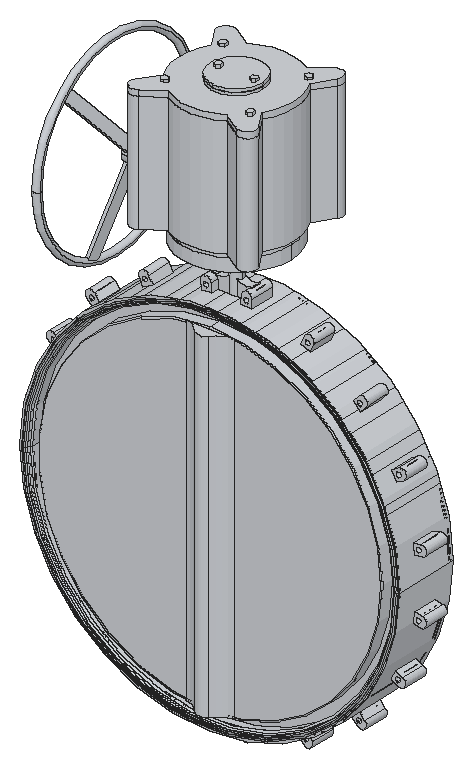
Revit family "R59FLX050", category Plumbing Fixtures, Revit 2015
Reference planes
  plane 1 "Center (Front/Back)": y = 0
  plane 2: z = 0
  plane 3 "Center (Left/Right)": x = 0
  plane 4: z = 480
  plane 5: z = 730
  plane 6: z = 187
  plane 7: z = -388
  plane 8: z = -30
  plane 9: z = 536.038
  plane 10: z = -30
  plane 11: y = -17.262
  plane 12: y = 17.262
  plane 13: x = -105
  plane 14: x = 105
  plane 15: z = 744
  plane 16: x = 226
  plane 17: y = -64.287
  plane 18: y = 62.713
  plane 19: z = 455
  plane 20: x = -241
  plane 21: z = 342
Forms (mm)
  Extrusion 1, solid
    sketch origin (0, 0, 462.391) x (1, 0, 0) y (0, 1, 0)
      loop
        circle (0, 0) r 105
    from -7.391 to 17.609
  Extrusion 2, solid
    sketch origin (0, 0, -76.95) x (1, 0, 0) y (0, 1, 0)
      loop
        circle (0, 0) r 12
    from 354.077 to 531.95
  Revolve 3, solid
    sketch origin (0, 0, 0) x (0, 1, 0) y (0, 0, 1)
      loop
        line (-39.5, -358.688) -> (39.5, -358.688) -> (39.5, -329.679) -> (60.986, -329.679)
        arc (60.986, -329.679) -> (62.207, -329.173) -> (62.713, -327.951) r 1.728
        line (62.713, -327.951) -> (62.713, 0) -> (-64.287, 0) -> (-64.287, -327.951)
        arc (-64.287, -327.951) -> (-63.781, -329.173) -> (-62.559, -329.679) r 1.728
        line (-62.559, -329.679) -> (-39.5, -329.679) -> (-39.5, -358.688)
      axis (62.713, 0) -> (-64.287, 0)
    angle from 0 to 360
  Extrusion 4, solid
    sketch origin (-32.126, 28.082, 299.981) x (0.933413, 0, -0.358805) y (0.358805, 0, 0.933413)
      loop
        line (-18.251, 60.114) -> (-25.459, 74.264)
        arc (-25.459, 74.264) -> (-38.908, 78.635) -> (-43.28, 65.186) r 10
        line (-43.28, 65.186) -> (-36.072, 51.036) -> (-18.251, 60.114)
      loop
        circle (-32.1, 65.269) r 5
    from -10.991 to 37.009
  Extrusion 5, solid
    sketch origin (18.896, -132.284, 489.391) x (-0.707107, -0.707107, 0) y (0.707107, -0.707107, 0)
      loop
        line (6.619, -122.207) -> (1.336, -117.615) -> (-5.283, -119.894) -> (-6.619, -126.765) -> (-1.336, -131.358) -> (5.283, -129.079) -> (6.619, -122.207)
    from 0 to 3.746
  Extrusion 6, solid
    sketch origin (18.896, -132.284, 468.391) x (-0.707107, -0.707107, 0) y (0.707107, -0.707107, 0)
      loop
        circle (0, -124.486) r 3
    from -20.186 to 21
  Extrusion 7, solid
    sketch origin (18.896, -132.284, 454) x (-0.707107, -0.707107, 0) y (0.707107, -0.707107, 0)
      loop
        line (3.99, -123.113) -> (0.805, -120.344) -> (-3.184, -121.718) -> (-3.99, -125.86) -> (-0.805, -128.628) -> (3.184, -127.254) -> (3.99, -123.113)
      loop
        line (-3.444, -125.672) -> (-0.695, -128.061) -> (2.749, -126.876) -> (3.444, -123.301) -> (0.695, -120.911) -> (-2.749, -122.097) -> (-3.444, -125.672)
    from -1.968 to 1
  Extrusion 8, solid
    sketch origin (49.205, -126.837, 615.966) x (-0.707107, -0.707107, 0) y (0.707107, -0.707107, 0)
      loop
        line (-80.879, -231.371) -> (-71.737, -274.379)
        arc (-71.737, -274.379) -> (-54.895, -288.018) -> (-38.053, -274.379) r 17.218
        line (-38.053, -274.379) -> (-28.912, -231.371)
        arc (-28.912, -231.371) -> (22.88, -202.269) -> (51.985, -150.479) r 109.994
        line (51.985, -150.479) -> (95.021, -141.332)
        arc (95.021, -141.332) -> (108.659, -124.49) -> (95.021, -107.648) r 17.218
        line (95.021, -107.648) -> (51.988, -98.501)
        arc (51.988, -98.501) -> (22.886, -46.703) -> (-28.909, -17.596) r 109.994
        line (-28.909, -17.596) -> (-38.053, 25.426)
        arc (-38.053, 25.426) -> (-54.895, 39.064) -> (-71.737, 25.426) r 17.218
        line (-71.737, 25.426) -> (-80.882, -17.596)
        arc (-80.882, -17.596) -> (-132.673, -46.699) -> (-161.775, -98.49) r 109.994
        line (-161.775, -98.49) -> (-204.798, -107.635)
        arc (-204.798, -107.635) -> (-218.436, -124.477) -> (-204.798, -141.318) r 17.218
        line (-204.798, -141.318) -> (-161.779, -150.462)
        arc (-161.779, -150.462) -> (-132.677, -202.263) -> (-80.879, -231.371) r 109.994
    from -126.575 to 101.703
  Sweep 9, solid
    path origin (0, 0, 0) x (1, 0, 0) y (0, 0, 1)
      loop
        circle (0, 0) r 364
    profile origin (0, 0, -364) x (0, 0, 1) y (0, -1, 0)
      loop
        line (0.625, -62.713) -> (3.952, -62.713)
        arc (3.952, -62.713) -> (4.966, -63.727) -> (5.98, -62.713) r 1.014
        line (5.98, -62.713) -> (7.253, -62.713)
        arc (7.253, -62.713) -> (8.267, -63.727) -> (9.28, -62.713) r 1.014
        line (9.28, -62.713) -> (10.888, -62.713) -> (12.517, -60.371) -> (13.454, -56.874) -> (16.683, -53.645) -> (16.683, 55.218) -> (13.454, 58.447) -> (12.517, 61.945) -> (10.888, 64.287) -> (9.28, 64.287)
        arc (9.28, 64.287) -> (8.267, 65.3) -> (7.253, 64.287) r 1.014
        line (7.253, 64.287) -> (5.98, 64.287)
        arc (5.98, 64.287) -> (4.966, 65.3) -> (3.952, 64.287) r 1.014
        line (3.952, 64.287) -> (0.625, 64.287) -> (0.625, -62.713)
  Extrusion 10, solid
    sketch origin (0, 0, 301.215) x (1, 0, 0) y (0, 0, 1)
      loop
        line (-27.454, 59.697) -> (28.665, 59.697) -> (37.875, 86.446)
        arc (37.875, 86.446) -> (15.623, 86.938) -> (0.632, 103.389) r 28.254
        arc (0.632, 103.389) -> (-16.161, 86.192) -> (-40.117, 88.147) r 28.254
        line (-40.117, 88.147) -> (-27.454, 59.697)
    from -7.881 to 9.454
  Sweep 11, solid
    path origin (-0.002, 0, 0) x (1, 0, 0) y (0, 0, 1)
      loop
        circle (0, 0) r 364
    profile origin (-0.002, 0, -364) x (0, 0, 1) y (0, -1, 0)
      loop
        line (0, 64.287) -> (0, -62.713) -> (3.927, -62.713) -> (3.927, 64.287) -> (0, 64.287)
  Extrusion 12, solid
    sketch origin (-27.966, 28.082, -300.397) x (-0.843784, 0, 0.536683) y (-0.536683, 0, -0.843784)
      loop
        line (-18.251, 60.114) -> (-25.459, 74.264)
        arc (-25.459, 74.264) -> (-38.908, 78.635) -> (-43.28, 65.186) r 10
        line (-43.28, 65.186) -> (-36.072, 51.036) -> (-18.251, 60.114)
      loop
        circle (-32.1, 65.269) r 5
    from -10.991 to 37.009
  Extrusion 13, solid
    sketch origin (-126.75, 28.082, 273.779) x (0.999197, 0, -0.040079) y (0.040079, 0, 0.999197)
      loop
        line (-18.251, 60.114) -> (-25.459, 74.264)
        arc (-25.459, 74.264) -> (-38.908, 78.635) -> (-43.28, 65.186) r 10
        line (-43.28, 65.186) -> (-36.072, 51.036) -> (-18.251, 60.114)
      loop
        circle (-32.1, 65.269) r 5
    from -10.991 to 37.009
  Extrusion 14, solid
    sketch origin (-207.95, 28.082, 218.58) x (0.959152, 0, 0.282892) y (-0.282892, 0, 0.959152)
      loop
        line (-18.251, 60.114) -> (-25.459, 74.264)
        arc (-25.459, 74.264) -> (-38.908, 78.635) -> (-43.28, 65.186) r 10
        line (-43.28, 65.186) -> (-36.072, 51.036) -> (-18.251, 60.114)
      loop
        circle (-32.1, 65.269) r 5
    from -10.991 to 37.009
  Extrusion 15, solid
    sketch origin (-267.125, 28.082, 140.231) x (0.817519, 0, 0.575901) y (-0.575901, 0, 0.817519)
      loop
        line (-18.251, 60.114) -> (-25.459, 74.264)
        arc (-25.459, 74.264) -> (-38.908, 78.635) -> (-43.28, 65.186) r 10
        line (-43.28, 65.186) -> (-36.072, 51.036) -> (-18.251, 60.114)
      loop
        circle (-32.1, 65.269) r 5
    from -10.991 to 37.009
  Extrusion 16, solid
    sketch origin (-298.008, 28.082, 47.029) x (0.589301, 0, 0.807914) y (-0.807914, 0, 0.589301)
      loop
        line (-18.251, 60.114) -> (-25.459, 74.264)
        arc (-25.459, 74.264) -> (-38.908, 78.635) -> (-43.28, 65.186) r 10
        line (-43.28, 65.186) -> (-36.072, 51.036) -> (-18.251, 60.114)
      loop
        circle (-32.1, 65.269) r 5
    from -10.991 to 37.009
  Extrusion 17, solid
    sketch origin (-297.328, 28.082, -51.154) x (0.298667, 0, 0.954357) y (-0.954357, 0, 0.298667)
      loop
        line (-18.251, 60.114) -> (-25.459, 74.264)
        arc (-25.459, 74.264) -> (-38.908, 78.635) -> (-43.28, 65.186) r 10
        line (-43.28, 65.186) -> (-36.072, 51.036) -> (-18.251, 60.114)
      loop
        circle (-32.1, 65.269) r 5
    from -10.991 to 37.009
  Extrusion 18, solid
    sketch origin (-265.156, 28.082, -143.919) x (-0.0236, 0, 0.999721) y (-0.999721, 0, -0.0236)
      loop
        line (-18.251, 60.114) -> (-25.459, 74.264)
        arc (-25.459, 74.264) -> (-38.908, 78.635) -> (-43.28, 65.186) r 10
        line (-43.28, 65.186) -> (-36.072, 51.036) -> (-18.251, 60.114)
      loop
        circle (-32.1, 65.269) r 5
    from -10.991 to 37.009
  Extrusion 19, solid
    sketch origin (-204.901, 28.082, -221.441) x (-0.343367, 0, 0.939201) y (-0.939201, 0, -0.343367)
      loop
        line (-18.251, 60.114) -> (-25.459, 74.264)
        arc (-25.459, 74.264) -> (-38.908, 78.635) -> (-43.28, 65.186) r 10
        line (-43.28, 65.186) -> (-36.072, 51.036) -> (-18.251, 60.114)
      loop
        circle (-32.1, 65.269) r 5
    from -10.991 to 37.009
  Extrusion 20, solid
    sketch origin (-122.944, 28.082, -275.509) x (-0.626767, 0, 0.779206) y (-0.779206, 0, -0.626767)
      loop
        line (-18.251, 60.114) -> (-25.459, 74.264)
        arc (-25.459, 74.264) -> (-38.908, 78.635) -> (-43.28, 65.186) r 10
        line (-43.28, 65.186) -> (-36.072, 51.036) -> (-18.251, 60.114)
      loop
        circle (-32.1, 65.269) r 5
    from -10.991 to 37.009
  Extrusion 21, solid
    sketch origin (157.284, 43.896, 489.391) x (0.707107, -0.707107, 0) y (0.707107, 0.707107, 0)
      loop
        line (6.619, -122.207) -> (1.336, -117.615) -> (-5.283, -119.894) -> (-6.619, -126.765) -> (-1.336, -131.358) -> (5.283, -129.079) -> (6.619, -122.207)
    from 0 to 3.746
  Extrusion 22, solid
    sketch origin (157.284, 43.896, 468.391) x (0.707107, -0.707107, 0) y (0.707107, 0.707107, 0)
      loop
        circle (0, -124.486) r 3
    from -20.186 to 21
  Extrusion 23, solid
    sketch origin (157.284, 43.896, 454) x (0.707107, -0.707107, 0) y (0.707107, 0.707107, 0)
      loop
        line (3.99, -123.113) -> (0.805, -120.344) -> (-3.184, -121.718) -> (-3.99, -125.86) -> (-0.805, -128.628) -> (3.184, -127.254) -> (3.99, -123.113)
      loop
        line (-3.444, -125.672) -> (-0.695, -128.061) -> (2.749, -126.876) -> (3.444, -123.301) -> (0.695, -120.911) -> (-2.749, -122.097) -> (-3.444, -125.672)
    from -1.968 to 1
  Extrusion 24, solid
    sketch origin (-18.896, 132.284, 489.391) x (0.707107, 0.707107, 0) y (-0.707107, 0.707107, 0)
      loop
        line (6.619, -122.207) -> (1.336, -117.615) -> (-5.283, -119.894) -> (-6.619, -126.765) -> (-1.336, -131.358) -> (5.283, -129.079) -> (6.619, -122.207)
    from 0 to 3.746
  Extrusion 25, solid
    sketch origin (-18.896, 132.284, 468.391) x (0.707107, 0.707107, 0) y (-0.707107, 0.707107, 0)
      loop
        circle (0, -124.486) r 3
    from -20.186 to 21
  Extrusion 26, solid
    sketch origin (-18.896, 132.284, 454) x (0.707107, 0.707107, 0) y (-0.707107, 0.707107, 0)
      loop
        line (3.99, -123.113) -> (0.805, -120.344) -> (-3.184, -121.718) -> (-3.99, -125.86) -> (-0.805, -128.628) -> (3.184, -127.254) -> (3.99, -123.113)
      loop
        line (-3.444, -125.672) -> (-0.695, -128.061) -> (2.749, -126.876) -> (3.444, -123.301) -> (0.695, -120.911) -> (-2.749, -122.097) -> (-3.444, -125.672)
    from -1.968 to 1
  Extrusion 27, solid
    sketch origin (-157.284, -43.896, 489.391) x (-0.707107, 0.707107, 0) y (-0.707107, -0.707107, 0)
      loop
        line (6.619, -122.207) -> (1.336, -117.615) -> (-5.283, -119.894) -> (-6.619, -126.765) -> (-1.336, -131.358) -> (5.283, -129.079) -> (6.619, -122.207)
    from 0 to 3.746
  Extrusion 28, solid
    sketch origin (-157.284, -43.896, 468.391) x (-0.707107, 0.707107, 0) y (-0.707107, -0.707107, 0)
      loop
        circle (0, -124.486) r 3
    from -20.186 to 21
  Extrusion 29, solid
    sketch origin (-157.284, -43.896, 454) x (-0.707107, 0.707107, 0) y (-0.707107, -0.707107, 0)
      loop
        line (3.99, -123.113) -> (0.805, -120.344) -> (-3.184, -121.718) -> (-3.99, -125.86) -> (-0.805, -128.628) -> (3.184, -127.254) -> (3.99, -123.113)
      loop
        line (-3.444, -125.672) -> (-0.695, -128.061) -> (2.749, -126.876) -> (3.444, -123.301) -> (0.695, -120.911) -> (-2.749, -122.097) -> (-3.444, -125.672)
    from -1.968 to 1
  Extrusion 30, solid
    sketch origin (-5.763, 157.917, 728.616) x (0.707107, 0.707107, 0) y (-0.707107, 0.707107, 0)
      loop
        line (6.619, -122.207) -> (1.336, -117.615) -> (-5.283, -119.894) -> (-6.619, -126.765) -> (-1.336, -131.358) -> (5.283, -129.079) -> (6.619, -122.207)
    from 0 to 4.617
  Extrusion 31, solid
    sketch origin (-5.763, 157.917, 614.045) x (0.707107, 0.707107, 0) y (-0.707107, 0.707107, 0)
      loop
        circle (0, -124.486) r 3
    from 66.681 to 114.571
  Extrusion 32, solid
    sketch origin (170.417, 18.263, 728.616) x (0.707107, -0.707107, 0) y (0.707107, 0.707107, 0)
      loop
        line (6.619, -122.207) -> (1.336, -117.615) -> (-5.283, -119.894) -> (-6.619, -126.765) -> (-1.336, -131.358) -> (5.283, -129.079) -> (6.619, -122.207)
    from 0 to 4.617
  Extrusion 33, solid
    sketch origin (170.417, 18.263, 614.045) x (0.707107, -0.707107, 0) y (0.707107, 0.707107, 0)
      loop
        circle (0, -124.486) r 3
    from 66.681 to 114.571
  Extrusion 34, solid
    sketch origin (5.763, -157.917, 728.616) x (-0.707107, -0.707107, 0) y (0.707107, -0.707107, 0)
      loop
        line (6.619, -122.207) -> (1.336, -117.615) -> (-5.283, -119.894) -> (-6.619, -126.765) -> (-1.336, -131.358) -> (5.283, -129.079) -> (6.619, -122.207)
    from 0 to 4.617
  Extrusion 35, solid
    sketch origin (5.763, -157.917, 614.045) x (-0.707107, -0.707107, 0) y (0.707107, -0.707107, 0)
      loop
        circle (0, -124.486) r 3
    from 66.681 to 114.571
  Extrusion 36, solid
    sketch origin (-170.417, -18.263, 728.616) x (-0.707107, 0.707107, 0) y (-0.707107, -0.707107, 0)
      loop
        line (6.619, -122.207) -> (1.336, -117.615) -> (-5.283, -119.894) -> (-6.619, -126.765) -> (-1.336, -131.358) -> (5.283, -129.079) -> (6.619, -122.207)
    from 0 to 4.617
  Extrusion 37, solid
    sketch origin (-170.417, -18.263, 614.045) x (-0.707107, 0.707107, 0) y (-0.707107, -0.707107, 0)
      loop
        circle (0, -124.486) r 3
    from 66.681 to 114.571
  Extrusion 38, solid
    sketch origin (4.994, 0, 138.038) x (0, 1, 0) y (0, 0, -1)
      loop
        circle (0, -398) r 6
    from 74.348 to 199.367
  Sweep 39, solid
    path origin (-234.067, 0, 127.266) x (0, 1, 0) y (0, 0, -1)
      loop
        circle (0, -408.772) r 187
    profile origin (-234.067, 0, 723.038) x (0, 0, 1) y (-1, 0, 0)
      loop
        circle (0, 0) r 7
  Extrusion 40, solid
    sketch origin (-3.067, 0, 138.038) x (0, 1, 0) y (0, 0, -1)
      loop
        circle (0, -398) r 20
    from 166.378 to 201.654
  Extrusion 41, solid
    sketch origin (8.701, -165.594, 378.806) x (0.996525, 0.083294, -0.000135) y (-0.05437, 0.64925, -0.758629)
      loop
        line (-182.932, 4.168) -> (-189.521, 6.043) -> (-239.457, -181.426) -> (-232.868, -183.3) -> (-182.932, 4.168)
    from 230.215 to 251.867
  Extrusion 42, solid
    sketch origin (-122.734, -88.025, 739.383) x (-0.707107, 0.707107, 0) y (-0.707107, -0.707107, 0)
      loop
        line (6.619, -122.207) -> (1.336, -117.615) -> (-5.283, -119.894) -> (-6.619, -126.765) -> (-1.336, -131.358) -> (5.283, -129.079) -> (6.619, -122.207)
    from 0 to 4.617
  Extrusion 43, solid
    sketch origin (-122.734, -88.025, 624.811) x (-0.707107, 0.707107, 0) y (-0.707107, -0.707107, 0)
      loop
        circle (0, -124.486) r 3
    from 66.681 to 114.571
  Extrusion 44, solid
    sketch origin (122.679, -51.499, 739.383) x (0.707107, -0.707107, 0) y (0.707107, 0.707107, 0)
      loop
        line (-96.38, -19.209) -> (-103.251, -20.545) -> (-105.53, -27.163) -> (-100.938, -32.446) -> (-94.066, -31.111) -> (-91.787, -24.492) -> (-96.38, -19.209)
    from 0 to 4.617
  Extrusion 45, solid
    sketch origin (-122.734, -88.025, 624.811) x (-0.707107, 0.707107, 0) y (-0.707107, -0.707107, 0)
      loop
        circle (-49.047, -173.533) r 3
    from 66.681 to 114.571
  Extrusion 46, solid
    sketch origin (0, 36.3, 0) x (1, 0, 0) y (0, 1, 0)
      loop
        line (-45.752, 26.413) -> (45.661, 26.413)
        arc (45.661, 26.413) -> (27.976, 32.661) -> (13.756, 44.892) r 50.889
        arc (13.756, 44.892) -> (-0.248, 51.523) -> (-14.1, 44.579) r 17.686
        arc (-14.1, 44.579) -> (-28.242, 32.561) -> (-45.752, 26.413) r 50.889
    from -326.549 to 327
  Extrusion 47, solid
    sketch origin (0, 0, 727.256) x (1, 0, 0) y (0, 1, 0)
      loop
        circle (0, 0) r 50
    from 1.36 to 6.196
  Extrusion 48, solid
    sketch origin (0, 0, 734.383) x (1, 0, 0) y (0, 1, 0)
      loop
        circle (0, 0) r 50
    from 0.001 to 5
  Extrusion 49, solid
    sketch origin (0, 0, 729.888) x (1, 0, 0) y (0, 1, 0)
      loop
        circle (0, 0) r 43.203
    from 3.565 to 4.496
  Extrusion 50, solid
    sketch origin (8.701, 220.055, 473.136) x (0.996525, -0.04153, 0.072203) y (-0.05437, 0.332367, 0.941582)
      loop
        line (-182.932, 4.168) -> (-189.521, 6.043) -> (-239.457, -181.426) -> (-232.868, -183.3) -> (-182.932, 4.168)
    from 230.215 to 251.867
  Extrusion 51, solid
    sketch origin (8.701, -54.461, 759.953) x (0.996525, -0.041764, -0.072067) y (-0.05437, -0.981617, -0.182952)
      loop
        line (-182.932, 4.168) -> (-189.521, 6.043) -> (-239.457, -181.426) -> (-232.868, -183.3) -> (-182.932, 4.168)
    from 230.215 to 251.867
  Extrusion 52, solid
    sketch origin (0, 0, 487.391) x (1, 0, 0) y (0, 1, 0)
      loop
        circle (0, 0) r 105
    from -7.391 to 2
  Extrusion 53, solid
    sketch origin (49.205, -126.837, 669.598) x (-0.707107, -0.707107, 0) y (0.707107, -0.707107, 0)
      loop
        line (-80.879, -231.371) -> (-71.737, -274.379)
        arc (-71.737, -274.379) -> (-54.895, -288.018) -> (-38.053, -274.379) r 17.218
        line (-38.053, -274.379) -> (-28.912, -231.371)
        arc (-28.912, -231.371) -> (22.88, -202.269) -> (51.985, -150.479) r 109.994
        line (51.985, -150.479) -> (95.021, -141.332)
        arc (95.021, -141.332) -> (108.659, -124.49) -> (95.021, -107.648) r 17.218
        line (95.021, -107.648) -> (51.988, -98.501)
        arc (51.988, -98.501) -> (22.886, -46.703) -> (-28.909, -17.596) r 109.994
        line (-28.909, -17.596) -> (-38.053, 25.426)
        arc (-38.053, 25.426) -> (-54.895, 39.064) -> (-71.737, 25.426) r 17.218
        line (-71.737, 25.426) -> (-80.882, -17.596)
        arc (-80.882, -17.596) -> (-132.673, -46.699) -> (-161.775, -98.49) r 109.994
        line (-161.775, -98.49) -> (-204.798, -107.635)
        arc (-204.798, -107.635) -> (-218.436, -124.477) -> (-204.798, -141.318) r 17.218
        line (-204.798, -141.318) -> (-161.779, -150.462)
        arc (-161.779, -150.462) -> (-132.677, -202.263) -> (-80.879, -231.371) r 109.994
    from 48.072 to 59.018
  Extrusion 54, solid
    sketch origin (32.126, -23.046, 299.981) x (-0.933413, 0, -0.358805) y (-0.358805, 0, 0.933413)
      loop
        line (-18.251, 60.114) -> (-25.459, 74.264)
        arc (-25.459, 74.264) -> (-38.908, 78.635) -> (-43.28, 65.186) r 10
        line (-43.28, 65.186) -> (-36.072, 51.036) -> (-18.251, 60.114)
      loop
        circle (-32.1, 65.269) r 5
    from -10.991 to 37.009
  Extrusion 55, solid
    sketch origin (27.966, -23.046, -300.397) x (0.843784, 0, 0.536683) y (0.536683, 0, -0.843784)
      loop
        line (-18.251, 60.114) -> (-25.459, 74.264)
        arc (-25.459, 74.264) -> (-38.908, 78.635) -> (-43.28, 65.186) r 10
        line (-43.28, 65.186) -> (-36.072, 51.036) -> (-18.251, 60.114)
      loop
        circle (-32.1, 65.269) r 5
    from -10.991 to 37.009
  Extrusion 56, solid
    sketch origin (126.75, -23.046, 273.779) x (-0.999197, 0, -0.040079) y (-0.040079, 0, 0.999197)
      loop
        line (-18.251, 60.114) -> (-25.459, 74.264)
        arc (-25.459, 74.264) -> (-38.908, 78.635) -> (-43.28, 65.186) r 10
        line (-43.28, 65.186) -> (-36.072, 51.036) -> (-18.251, 60.114)
      loop
        circle (-32.1, 65.269) r 5
    from -10.991 to 37.009
  Extrusion 57, solid
    sketch origin (207.95, -23.046, 218.58) x (-0.959152, 0, 0.282892) y (0.282892, 0, 0.959152)
      loop
        line (-18.251, 60.114) -> (-25.459, 74.264)
        arc (-25.459, 74.264) -> (-38.908, 78.635) -> (-43.28, 65.186) r 10
        line (-43.28, 65.186) -> (-36.072, 51.036) -> (-18.251, 60.114)
      loop
        circle (-32.1, 65.269) r 5
    from -10.991 to 37.009
  Extrusion 58, solid
    sketch origin (267.125, -23.046, 140.231) x (-0.817519, 0, 0.575901) y (0.575901, 0, 0.817519)
      loop
        line (-18.251, 60.114) -> (-25.459, 74.264)
        arc (-25.459, 74.264) -> (-38.908, 78.635) -> (-43.28, 65.186) r 10
        line (-43.28, 65.186) -> (-36.072, 51.036) -> (-18.251, 60.114)
      loop
        circle (-32.1, 65.269) r 5
    from -10.991 to 37.009
  Extrusion 59, solid
    sketch origin (298.008, -23.046, 47.029) x (-0.589301, 0, 0.807914) y (0.807914, 0, 0.589301)
      loop
        line (-18.251, 60.114) -> (-25.459, 74.264)
        arc (-25.459, 74.264) -> (-38.908, 78.635) -> (-43.28, 65.186) r 10
        line (-43.28, 65.186) -> (-36.072, 51.036) -> (-18.251, 60.114)
      loop
        circle (-32.1, 65.269) r 5
    from -10.991 to 37.009
  Extrusion 60, solid
    sketch origin (297.328, -23.046, -51.154) x (-0.298667, 0, 0.954357) y (0.954357, 0, 0.298667)
      loop
        line (-18.251, 60.114) -> (-25.459, 74.264)
        arc (-25.459, 74.264) -> (-38.908, 78.635) -> (-43.28, 65.186) r 10
        line (-43.28, 65.186) -> (-36.072, 51.036) -> (-18.251, 60.114)
      loop
        circle (-32.1, 65.269) r 5
    from -10.991 to 37.009
  Extrusion 61, solid
    sketch origin (265.156, -23.046, -143.919) x (0.0236, 0, 0.999721) y (0.999721, 0, -0.0236)
      loop
        line (-18.251, 60.114) -> (-25.459, 74.264)
        arc (-25.459, 74.264) -> (-38.908, 78.635) -> (-43.28, 65.186) r 10
        line (-43.28, 65.186) -> (-36.072, 51.036) -> (-18.251, 60.114)
      loop
        circle (-32.1, 65.269) r 5
    from -10.991 to 37.009
  Extrusion 62, solid
    sketch origin (204.901, -23.046, -221.441) x (0.343367, 0, 0.939201) y (0.939201, 0, -0.343367)
      loop
        line (-18.251, 60.114) -> (-25.459, 74.264)
        arc (-25.459, 74.264) -> (-38.908, 78.635) -> (-43.28, 65.186) r 10
        line (-43.28, 65.186) -> (-36.072, 51.036) -> (-18.251, 60.114)
      loop
        circle (-32.1, 65.269) r 5
    from -10.991 to 37.009
  Extrusion 63, solid
    sketch origin (122.944, -23.046, -275.509) x (0.626767, 0, 0.779206) y (0.779206, 0, -0.626767)
      loop
        line (-18.251, 60.114) -> (-25.459, 74.264)
        arc (-25.459, 74.264) -> (-38.908, 78.635) -> (-43.28, 65.186) r 10
        line (-43.28, 65.186) -> (-36.072, 51.036) -> (-18.251, 60.114)
      loop
        circle (-32.1, 65.269) r 5
    from -10.991 to 37.009
  Extrusion 64, solid
    sketch origin (0, 0, -295.779) x (1, 0, 0) y (0, 0, 1)
      loop
        line (-24.085, -63.275) -> (-34.325, -86.281)
        arc (-34.325, -86.281) -> (-26.785, -88.806) -> (-19.604, -92.221) r 65.798
        line (-19.604, -92.221) -> (18.979, -92.221)
        arc (18.979, -92.221) -> (26.384, -88.716) -> (34.166, -86.158) r 65.798
        line (34.166, -86.158) -> (23.981, -63.275) -> (-24.085, -63.275)
    from -7.881 to 9.454
  Extrusion 65, solid
    sketch origin (0, -37.863, 0) x (1, 0, 0) y (0, 1, 0)
      loop
        arc (-45.752, -26.413) -> (-28.242, -32.561) -> (-14.1, -44.579) r 50.889
        arc (-14.1, -44.579) -> (-0.248, -51.523) -> (13.756, -44.892) r 17.686
        arc (13.756, -44.892) -> (27.976, -32.661) -> (45.661, -26.413) r 50.889
        line (45.661, -26.413) -> (-45.752, -26.413)
    from -326.549 to 327
Dimensions and locks
  plane 2 to plane 4 = 480 mm
  level to plane 5 = 730 mm
  plane 7 to level = 388 mm
  plane 18 to plane 17 = 127 mm
  locked: plane 19 to plane 4 at 25
  plane 16 to plane 3 "Center (Left/Right)" = 226 mm
  locked: plane 13 to plane 14 at 210
  locked: plane 4 to plane 15 at 264
  locked: plane 3 "Center (Left/Right)" to plane 20 at 241
  locked: plane 21 to plane 5 at 388
  aligned and locked: level to plane 2
